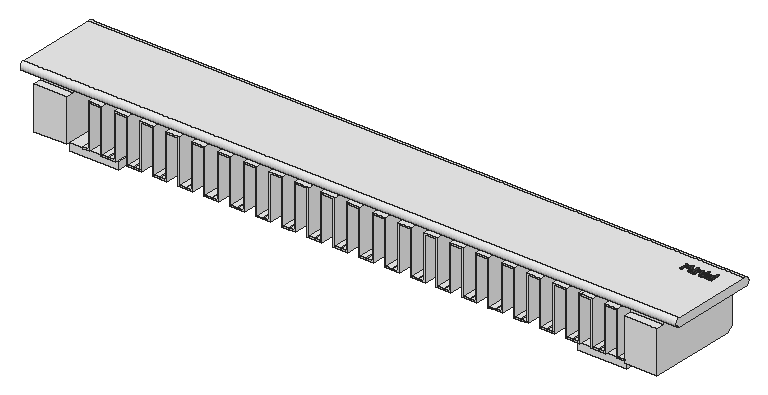
Revit family "Runtal-RF-1", category Mechanical Equipment, host Face, Revit 2026 (continued)
Definition of nested family "Family Back Grilles"
  Lines and regions (mm)
    model lines
      curve 9: circle (12.7, 5.715, 0) r 1.27 normal (0, 0, 1)
      curve 10: circle (17.78, 5.715, 0) r 1.27 normal (0, 0, 1)
      curve 11: circle (22.86, 5.715, 0) r 1.27 normal (0, 0, 1)
      curve 12: circle (27.94, 5.715, 0) r 1.27 normal (0, 0, 1)
      curve 13: circle (33.02, 5.715, 0) r 1.27 normal (0, 0, 1)
      curve 14: circle (38.1, 5.715, 0) r 1.27 normal (0, 0, 1)
      curve 15: circle (43.18, 5.715, 0) r 1.27 normal (0, 0, 1)
      curve 16: circle (48.26, 5.715, 0) r 1.27 normal (0, 0, 1)
      curve 17: circle (53.34, 5.715, 0) r 1.27 normal (0, 0, 1)
      curve 18: circle (58.42, 5.715, 0) r 1.27 normal (0, 0, 1)
      curve 19: circle (63.5, 5.715, 0) r 1.27 normal (0, 0, 1)
      curve 20: circle (68.58, 5.715, 0) r 1.27 normal (0, 0, 1)
      curve 21: circle (73.66, 5.715, 0) r 1.27 normal (0, 0, 1)
      curve 22: circle (78.74, 5.715, 0) r 1.27 normal (0, 0, 1)
      curve 23: circle (83.82, 5.715, 0) r 1.27 normal (0, 0, 1)
      curve 24: circle (88.9, 5.715, 0) r 1.27 normal (0, 0, 1)
      curve 25: circle (93.98, 5.715, 0) r 1.27 normal (0, 0, 1)
      curve 26: circle (99.06, 5.715, 0) r 1.27 normal (0, 0, 1)
      curve 27: circle (104.14, 5.715, 0) r 1.27 normal (0, 0, 1)
      curve 28: circle (109.22, 5.715, 0) r 1.27 normal (0, 0, 1)
      curve 29: circle (114.3, 5.715, 0) r 1.27 normal (0, 0, 1)
      curve 30: circle (119.38, 5.715, 0) r 1.27 normal (0, 0, 1)
      curve 31: circle (124.46, 5.715, 0) r 1.27 normal (0, 0, 1)
      curve 32: circle (129.54, 5.715, 0) r 1.27 normal (0, 0, 1)
      curve 33: circle (134.62, 5.715, 0) r 1.27 normal (0, 0, 1)
      curve 34: circle (139.7, 5.715, 0) r 1.27 normal (0, 0, 1)
      curve 35: circle (144.78, 5.715, 0) r 1.27 normal (0, 0, 1)
      curve 36: circle (149.86, 5.715, 0) r 1.27 normal (0, 0, 1)
      curve 37: circle (154.94, 5.715, 0) r 1.27 normal (0, 0, 1)
      curve 38: circle (160.02, 5.715, 0) r 1.27 normal (0, 0, 1)
      curve 39: circle (165.1, 5.715, 0) r 1.27 normal (0, 0, 1)
      curve 40: circle (170.18, 5.715, 0) r 1.27 normal (0, 0, 1)
      curve 41: circle (175.26, 5.715, 0) r 1.27 normal (0, 0, 1)
      curve 42: circle (180.34, 5.715, 0) r 1.27 normal (0, 0, 1)
      curve 43: circle (185.42, 5.715, 0) r 1.27 normal (0, 0, 1)
      curve 44: circle (190.5, 5.715, 0) r 1.27 normal (0, 0, 1)
      curve 45: circle (195.58, 5.715, 0) r 1.27 normal (0, 0, 1)
      curve 46: circle (200.66, 5.715, 0) r 1.27 normal (0, 0, 1)
      curve 47: circle (205.74, 5.715, 0) r 1.27 normal (0, 0, 1)
      curve 48: circle (210.82, 5.715, 0) r 1.27 normal (0, 0, 1)
      curve 49: circle (215.9, 5.715, 0) r 1.27 normal (0, 0, 1)
      curve 50: circle (220.98, 5.715, 0) r 1.27 normal (0, 0, 1)
      curve 51: circle (226.06, 5.715, 0) r 1.27 normal (0, 0, 1)
      curve 52: circle (231.14, 5.715, 0) r 1.27 normal (0, 0, 1)
      curve 53: circle (236.22, 5.715, 0) r 1.27 normal (0, 0, 1)
      curve 54: circle (241.3, 5.715, 0) r 1.27 normal (0, 0, 1)
      curve 55: circle (246.38, 5.715, 0) r 1.27 normal (0, 0, 1)
      curve 56: circle (251.46, 5.715, 0) r 1.27 normal (0, 0, 1)
      curve 57: circle (256.54, 5.715, 0) r 1.27 normal (0, 0, 1)
      curve 58: circle (261.62, 5.715, 0) r 1.27 normal (0, 0, 1)
      curve 59: circle (266.7, 5.715, 0) r 1.27 normal (0, 0, 1)
      curve 60: circle (271.78, 5.715, 0) r 1.27 normal (0, 0, 1)
      curve 61: circle (276.86, 5.715, 0) r 1.27 normal (0, 0, 1)
      curve 62: circle (281.94, 5.715, 0) r 1.27 normal (0, 0, 1)
      curve 63: circle (287.02, 5.715, 0) r 1.27 normal (0, 0, 1)
      curve 64: circle (292.1, 5.715, 0) r 1.27 normal (0, 0, 1)
      curve 65: circle (297.18, 5.715, 0) r 1.27 normal (0, 0, 1)
      curve 66: circle (302.26, 5.715, 0) r 1.27 normal (0, 0, 1)
      curve 67: circle (307.34, 5.715, 0) r 1.27 normal (0, 0, 1)
      curve 68: circle (312.42, 5.715, 0) r 1.27 normal (0, 0, 1)
      curve 69: circle (317.5, 5.715, 0) r 1.27 normal (0, 0, 1)
      curve 70: circle (322.58, 5.715, 0) r 1.27 normal (0, 0, 1)
      curve 71: circle (327.66, 5.715, 0) r 1.27 normal (0, 0, 1)
      curve 72: circle (332.74, 5.715, 0) r 1.27 normal (0, 0, 1)
      curve 73: circle (337.82, 5.715, 0) r 1.27 normal (0, 0, 1)
      curve 74: circle (342.9, 5.715, 0) r 1.27 normal (0, 0, 1)
      curve 75: circle (347.98, 5.715, 0) r 1.27 normal (0, 0, 1)
      curve 76: circle (353.06, 5.715, 0) r 1.27 normal (0, 0, 1)
      curve 77: circle (358.14, 5.715, 0) r 1.27 normal (0, 0, 1)
      curve 78: circle (363.22, 5.715, 0) r 1.27 normal (0, 0, 1)
      curve 79: circle (368.3, 5.715, 0) r 1.27 normal (0, 0, 1)
      curve 80: circle (373.38, 5.715, 0) r 1.27 normal (0, 0, 1)
      curve 81: circle (378.46, 5.715, 0) r 1.27 normal (0, 0, 1)
      curve 82: circle (383.54, 5.715, 0) r 1.27 normal (0, 0, 1)
      curve 83: circle (388.62, 5.715, 0) r 1.27 normal (0, 0, 1)
      curve 84: circle (393.7, 5.715, 0) r 1.27 normal (0, 0, 1)
      curve 85: circle (398.78, 5.715, 0) r 1.27 normal (0, 0, 1)
      curve 86: circle (403.86, 5.715, 0) r 1.27 normal (0, 0, 1)
      curve 87: circle (408.94, 5.715, 0) r 1.27 normal (0, 0, 1)
      curve 88: circle (414.02, 5.715, 0) r 1.27 normal (0, 0, 1)
      curve 89: circle (419.1, 5.715, 0) r 1.27 normal (0, 0, 1)
      curve 90: circle (424.18, 5.715, 0) r 1.27 normal (0, 0, 1)
      curve 91: circle (429.26, 5.715, 0) r 1.27 normal (0, 0, 1)
      curve 92: circle (25.4, 1.27, 0) r 1.27 normal (0, 0, 1)
      curve 93: circle (30.48, 1.27, 0) r 1.27 normal (0, 0, 1)
      curve 94: circle (35.56, 1.27, 0) r 1.27 normal (0, 0, 1)
      curve 95: circle (40.64, 1.27, 0) r 1.27 normal (0, 0, 1)
      curve 96: circle (45.72, 1.27, 0) r 1.27 normal (0, 0, 1)
      curve 97: circle (50.8, 1.27, 0) r 1.27 normal (0, 0, 1)
      curve 98: circle (55.88, 1.27, 0) r 1.27 normal (0, 0, 1)
      curve 99: circle (60.96, 1.27, 0) r 1.27 normal (0, 0, 1)
      curve 100: circle (66.04, 1.27, 0) r 1.27 normal (0, 0, 1)
      curve 101: circle (71.12, 1.27, 0) r 1.27 normal (0, 0, 1)
      curve 102: circle (76.2, 1.27, 0) r 1.27 normal (0, 0, 1)
      curve 103: circle (81.28, 1.27, 0) r 1.27 normal (0, 0, 1)
      curve 104: circle (86.36, 1.27, 0) r 1.27 normal (0, 0, 1)
      curve 105: circle (91.44, 1.27, 0) r 1.27 normal (0, 0, 1)
      curve 106: circle (96.52, 1.27, 0) r 1.27 normal (0, 0, 1)
      curve 107: circle (101.6, 1.27, 0) r 1.27 normal (0, 0, 1)
      curve 108: circle (106.68, 1.27, 0) r 1.27 normal (0, 0, 1)
      curve 109: circle (111.76, 1.27, 0) r 1.27 normal (0, 0, 1)
      curve 110: circle (116.84, 1.27, 0) r 1.27 normal (0, 0, 1)
      curve 111: circle (121.92, 1.27, 0) r 1.27 normal (0, 0, 1)
      curve 112: circle (127, 1.27, 0) r 1.27 normal (0, 0, 1)
      curve 113: circle (132.08, 1.27, 0) r 1.27 normal (0, 0, 1)
      curve 114: circle (137.16, 1.27, 0) r 1.27 normal (0, 0, 1)
      curve 115: circle (142.24, 1.27, 0) r 1.27 normal (0, 0, 1)
      curve 116: circle (147.32, 1.27, 0) r 1.27 normal (0, 0, 1)
      curve 117: circle (152.4, 1.27, 0) r 1.27 normal (0, 0, 1)
      curve 118: circle (157.48, 1.27, 0) r 1.27 normal (0, 0, 1)
      curve 119: circle (162.56, 1.27, 0) r 1.27 normal (0, 0, 1)
      curve 120: circle (167.64, 1.27, 0) r 1.27 normal (0, 0, 1)
      curve 121: circle (172.72, 1.27, 0) r 1.27 normal (0, 0, 1)
      curve 122: circle (177.8, 1.27, 0) r 1.27 normal (0, 0, 1)
      curve 123: circle (182.88, 1.27, 0) r 1.27 normal (0, 0, 1)
      curve 124: circle (187.96, 1.27, 0) r 1.27 normal (0, 0, 1)
      curve 125: circle (193.04, 1.27, 0) r 1.27 normal (0, 0, 1)
      curve 126: circle (198.12, 1.27, 0) r 1.27 normal (0, 0, 1)
      curve 127: circle (203.2, 1.27, 0) r 1.27 normal (0, 0, 1)
      curve 128: circle (208.28, 1.27, 0) r 1.27 normal (0, 0, 1)
      curve 129: circle (213.36, 1.27, 0) r 1.27 normal (0, 0, 1)
      curve 130: circle (218.44, 1.27, 0) r 1.27 normal (0, 0, 1)
      curve 131: circle (223.52, 1.27, 0) r 1.27 normal (0, 0, 1)
      curve 132: circle (228.6, 1.27, 0) r 1.27 normal (0, 0, 1)
      curve 133: circle (233.68, 1.27, 0) r 1.27 normal (0, 0, 1)
      curve 134: circle (238.76, 1.27, 0) r 1.27 normal (0, 0, 1)
      curve 135: circle (243.84, 1.27, 0) r 1.27 normal (0, 0, 1)
      curve 136: circle (248.92, 1.27, 0) r 1.27 normal (0, 0, 1)
      curve 137: circle (254, 1.27, 0) r 1.27 normal (0, 0, 1)
      curve 138: circle (259.08, 1.27, 0) r 1.27 normal (0, 0, 1)
      curve 139: circle (264.16, 1.27, 0) r 1.27 normal (0, 0, 1)
      curve 140: circle (269.24, 1.27, 0) r 1.27 normal (0, 0, 1)
      curve 141: circle (274.32, 1.27, 0) r 1.27 normal (0, 0, 1)
      curve 142: circle (279.4, 1.27, 0) r 1.27 normal (0, 0, 1)
      curve 143: circle (284.48, 1.27, 0) r 1.27 normal (0, 0, 1)
      curve 144: circle (289.56, 1.27, 0) r 1.27 normal (0, 0, 1)
      curve 145: circle (294.64, 1.27, 0) r 1.27 normal (0, 0, 1)
      curve 146: circle (299.72, 1.27, 0) r 1.27 normal (0, 0, 1)
      curve 147: circle (304.8, 1.27, 0) r 1.27 normal (0, 0, 1)
      curve 148: circle (309.88, 1.27, 0) r 1.27 normal (0, 0, 1)
      curve 149: circle (314.96, 1.27, 0) r 1.27 normal (0, 0, 1)
      curve 150: circle (320.04, 1.27, 0) r 1.27 normal (0, 0, 1)
      curve 151: circle (325.12, 1.27, 0) r 1.27 normal (0, 0, 1)
      curve 152: circle (330.2, 1.27, 0) r 1.27 normal (0, 0, 1)
      curve 153: circle (335.28, 1.27, 0) r 1.27 normal (0, 0, 1)
      curve 154: circle (340.36, 1.27, 0) r 1.27 normal (0, 0, 1)
      curve 155: circle (345.44, 1.27, 0) r 1.27 normal (0, 0, 1)
      curve 156: circle (350.52, 1.27, 0) r 1.27 normal (0, 0, 1)
      curve 157: circle (355.6, 1.27, 0) r 1.27 normal (0, 0, 1)
      curve 158: circle (360.68, 1.27, 0) r 1.27 normal (0, 0, 1)
      curve 159: circle (365.76, 1.27, 0) r 1.27 normal (0, 0, 1)
      curve 160: circle (370.84, 1.27, 0) r 1.27 normal (0, 0, 1)
      curve 161: circle (375.92, 1.27, 0) r 1.27 normal (0, 0, 1)
      curve 162: circle (381, 1.27, 0) r 1.27 normal (0, 0, 1)
      curve 163: circle (386.08, 1.27, 0) r 1.27 normal (0, 0, 1)
      curve 164: circle (391.16, 1.27, 0) r 1.27 normal (0, 0, 1)
      curve 165: circle (396.24, 1.27, 0) r 1.27 normal (0, 0, 1)
      curve 166: circle (401.32, 1.27, 0) r 1.27 normal (0, 0, 1)
      curve 167: circle (406.4, 1.27, 0) r 1.27 normal (0, 0, 1)
      curve 168: circle (411.48, 1.27, 0) r 1.27 normal (0, 0, 1)
      curve 169: circle (416.56, 1.27, 0) r 1.27 normal (0, 0, 1)
      curve 170: circle (421.64, 1.27, 0) r 1.27 normal (0, 0, 1)
      curve 171: circle (426.72, 1.27, 0) r 1.27 normal (0, 0, 1)
    model lines, not visible
      curve 3: circle (2.54, 5.715, 0) r 1.27 normal (0, 0, 1)
      curve 4: circle (5.08, 1.27, 0) r 1.27 normal (0, 0, 1)
  Dimensions and locks
    "finLength": plane 3 "Center (Left/Right)" to plane 4
    equal spacing: group 1, group 5, group 9, group 10, group 11, group 12, group 13, group 14, group 15, group 16, group 17, group 18, group 19, group 20, group 21, group 22, group 23, group 24, group 25, group 26, group 27, group 28, group 29, group 30, group 31, group 32, group 33, group 34, group 35, group 36, group 37, group 38, group 39, group 40, group 41, group 42, group 43, group 44, group 45, group 46, group 47, group 48, group 49, group 50, group 51, group 52, group 53, group 54, group 55, group 56, group 57, group 58, group 59, group 60, group 61, group 62, group 63, group 64, group 65, group 66, group 67, group 68, group 69, group 70, group 71, group 72, group 73, group 74, group 75, group 76, group 77, group 78, group 79, group 80, group 81, group 82, group 83, group 84, group 85, group 86, group 87, group 88, group 89, group 90, group 91  (x3)
    equal spacing: group 3, group 6, group 7, group 8, group 92, group 93, group 94, group 95, group 96, group 97, group 98, group 99, group 100, group 101, group 102, group 103, group 104, group 105, group 106, group 107, group 108, group 109, group 110, group 111, group 112, group 113, group 114, group 115, group 116, group 117, group 118, group 119, group 120, group 121, group 122, group 123, group 124, group 125, group 126, group 127, group 128, group 129, group 130, group 131, group 132, group 133, group 134, group 135, group 136, group 137, group 138, group 139, group 140, group 141, group 142, group 143, group 144, group 145, group 146, group 147, group 148, group 149, group 150, group 151, group 152, group 153, group 154, group 155, group 156, group 157, group 158, group 159, group 160, group 161, group 162, group 163, group 164, group 165, group 166, group 167, group 168, group 169, group 170, group 171  (x3)
    aligned and locked: plane 2 to Extrusion 1
    aligned and locked: level to Extrusion 1
  Automatic sketch dimensions
    Extrusion 1 sketch curve to Extrusion 1 sketch curve = 2438.400 mm  (x2)
    radius of curve 1 = 1.270 mm
    radius of curve 3 = 1.270 mm
    radius of curve 2 = 1.270 mm
    radius of curve 4 = 1.270 mm
    radius of curve 5 = 1.270 mm
    radius of curve 6 = 1.270 mm
    radius of curve 7 = 1.270 mm
    radius of curve 8 = 1.270 mm
    radius of curve 9 = 1.270 mm
    radius of curve 10 = 1.270 mm
    radius of curve 11 = 1.270 mm
    radius of curve 12 = 1.270 mm
    radius of curve 13 = 1.270 mm
    radius of curve 14 = 1.270 mm
    radius of curve 15 = 1.270 mm
    radius of curve 16 = 1.270 mm
    radius of curve 17 = 1.270 mm
    radius of curve 18 = 1.270 mm
    radius of curve 19 = 1.270 mm
    radius of curve 20 = 1.270 mm
    radius of curve 21 = 1.270 mm
    radius of curve 22 = 1.270 mm
    radius of curve 23 = 1.270 mm
    radius of curve 24 = 1.270 mm
    radius of curve 25 = 1.270 mm
    radius of curve 26 = 1.270 mm
    radius of curve 27 = 1.270 mm
    radius of curve 28 = 1.270 mm
    radius of curve 29 = 1.270 mm
    radius of curve 30 = 1.270 mm
    radius of curve 31 = 1.270 mm
    radius of curve 32 = 1.270 mm
    radius of curve 33 = 1.270 mm
    radius of curve 34 = 1.270 mm
    radius of curve 35 = 1.270 mm
    radius of curve 36 = 1.270 mm
    radius of curve 37 = 1.270 mm
    radius of curve 38 = 1.270 mm
    radius of curve 39 = 1.270 mm
    radius of curve 40 = 1.270 mm
    radius of curve 41 = 1.270 mm
    radius of curve 42 = 1.270 mm
    radius of curve 43 = 1.270 mm
    radius of curve 44 = 1.270 mm
    radius of curve 45 = 1.270 mm
    radius of curve 46 = 1.270 mm
    radius of curve 47 = 1.270 mm
    radius of curve 48 = 1.270 mm
    radius of curve 49 = 1.270 mm
    radius of curve 50 = 1.270 mm
    radius of curve 51 = 1.270 mm
    radius of curve 52 = 1.270 mm
    radius of curve 53 = 1.270 mm
    radius of curve 54 = 1.270 mm
    radius of curve 55 = 1.270 mm
    radius of curve 56 = 1.270 mm
    radius of curve 57 = 1.270 mm
    radius of curve 58 = 1.270 mm
    radius of curve 59 = 1.270 mm
    radius of curve 60 = 1.270 mm
    radius of curve 61 = 1.270 mm
    radius of curve 62 = 1.270 mm
    radius of curve 63 = 1.270 mm
    radius of curve 64 = 1.270 mm
    radius of curve 65 = 1.270 mm
    radius of curve 66 = 1.270 mm
    radius of curve 67 = 1.270 mm
    radius of curve 68 = 1.270 mm
    radius of curve 69 = 1.270 mm
    radius of curve 70 = 1.270 mm
    radius of curve 71 = 1.270 mm
    radius of curve 72 = 1.270 mm
    radius of curve 73 = 1.270 mm
    radius of curve 74 = 1.270 mm
    radius of curve 75 = 1.270 mm
    radius of curve 76 = 1.270 mm
    radius of curve 77 = 1.270 mm
    radius of curve 78 = 1.270 mm
    radius of curve 79 = 1.270 mm
    radius of curve 80 = 1.270 mm
    radius of curve 81 = 1.270 mm
    radius of curve 82 = 1.270 mm
    radius of curve 83 = 1.270 mm
    radius of curve 84 = 1.270 mm
    radius of curve 85 = 1.270 mm
    radius of curve 86 = 1.270 mm
    radius of curve 87 = 1.270 mm
    radius of curve 88 = 1.270 mm
    radius of curve 89 = 1.270 mm
    radius of curve 90 = 1.270 mm
    radius of curve 91 = 1.270 mm
    radius of curve 92 = 1.270 mm
    radius of curve 93 = 1.270 mm
    radius of curve 94 = 1.270 mm
    radius of curve 95 = 1.270 mm
    radius of curve 96 = 1.270 mm
    radius of curve 97 = 1.270 mm
    radius of curve 98 = 1.270 mm
    radius of curve 99 = 1.270 mm
    radius of curve 100 = 1.270 mm
    radius of curve 101 = 1.270 mm
    radius of curve 102 = 1.270 mm
    radius of curve 103 = 1.270 mm
    radius of curve 104 = 1.270 mm
    radius of curve 105 = 1.270 mm
    radius of curve 106 = 1.270 mm
    radius of curve 107 = 1.270 mm
    radius of curve 108 = 1.270 mm
    radius of curve 109 = 1.270 mm
    radius of curve 110 = 1.270 mm
    radius of curve 111 = 1.270 mm
    radius of curve 112 = 1.270 mm
    radius of curve 113 = 1.270 mm
    radius of curve 114 = 1.270 mm
    radius of curve 115 = 1.270 mm
    radius of curve 116 = 1.270 mm
    radius of curve 117 = 1.270 mm
    radius of curve 118 = 1.270 mm
    radius of curve 119 = 1.270 mm
    radius of curve 120 = 1.270 mm
    radius of curve 121 = 1.270 mm
    radius of curve 122 = 1.270 mm
    radius of curve 123 = 1.270 mm
    radius of curve 124 = 1.270 mm
    radius of curve 125 = 1.270 mm
    radius of curve 126 = 1.270 mm
    radius of curve 127 = 1.270 mm
    radius of curve 128 = 1.270 mm
    radius of curve 129 = 1.270 mm
    radius of curve 130 = 1.270 mm
    radius of curve 131 = 1.270 mm
    radius of curve 132 = 1.270 mm
    radius of curve 133 = 1.270 mm
    radius of curve 134 = 1.270 mm
    radius of curve 135 = 1.270 mm
    radius of curve 136 = 1.270 mm
    radius of curve 137 = 1.270 mm
    radius of curve 138 = 1.270 mm
    radius of curve 139 = 1.270 mm
    radius of curve 140 = 1.270 mm
    radius of curve 141 = 1.270 mm
    radius of curve 142 = 1.270 mm
    radius of curve 143 = 1.270 mm
    radius of curve 144 = 1.270 mm
    radius of curve 145 = 1.270 mm
    radius of curve 146 = 1.270 mm
    radius of curve 147 = 1.270 mm
    radius of curve 148 = 1.270 mm
    radius of curve 149 = 1.270 mm
    radius of curve 150 = 1.270 mm
    radius of curve 151 = 1.270 mm
    radius of curve 152 = 1.270 mm
    radius of curve 153 = 1.270 mm
    radius of curve 154 = 1.270 mm
    radius of curve 155 = 1.270 mm
    radius of curve 156 = 1.270 mm
    radius of curve 157 = 1.270 mm
    radius of curve 158 = 1.270 mm
    radius of curve 159 = 1.270 mm
    radius of curve 160 = 1.270 mm
    radius of curve 161 = 1.270 mm
    radius of curve 162 = 1.270 mm
    radius of curve 163 = 1.270 mm
    radius of curve 164 = 1.270 mm
    radius of curve 165 = 1.270 mm
    radius of curve 166 = 1.270 mm
    radius of curve 167 = 1.270 mm
    radius of curve 168 = 1.270 mm
    radius of curve 169 = 1.270 mm
    radius of curve 170 = 1.270 mm
    radius of curve 171 = 1.270 mm
